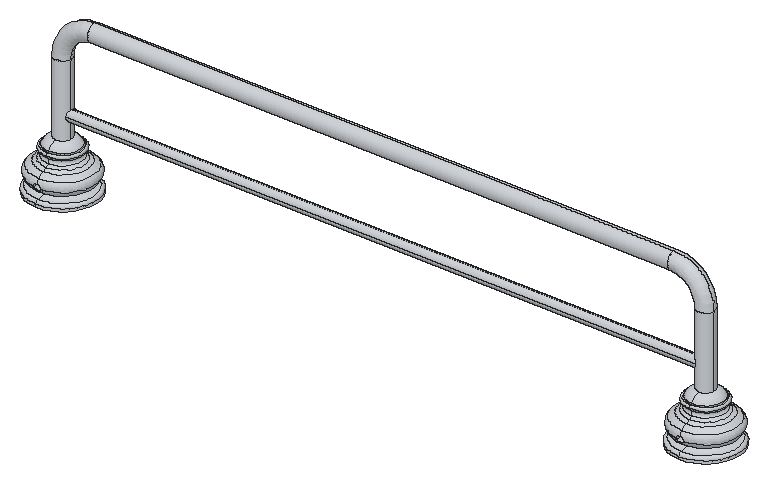
Revit family "Accessory-Towel_Bar-KOHLER-FAIRFAX-K-98256T", category Specialty Equipment, host Face, Revit 2017
Family settings
  Host = Face
  Round Connector Dimension = Use Diameter
  Part Type = Normal
  OmniClass Number = 23.31.25.21
  OmniClass Title = Toilet Paper Dispensers
  Cut with Voids When Loaded = No
  Shared = No
  Room Calculation Point = No
Parameters (values of type "CP-Polished Chrome")
  Width = 24 1/64"  # constant formula
  WaterSense Certified = 1 = 0  # no
  URL = "https://www.kohler.com.cn/"
  Type = 1
  Product Page URL = "https://www.kohler.com.cn/product/K-98256T-CP/K-98256T-CP/"
  Product Name = "FAIRFAX"  # constant formula
  Product Documentation Link = "https://files.kohler.com.cn/pdfs/k_98256t.pdf"
  Model = if(Type = 1, "K-98256T-CP", if(Type = 2, "K-98256T-BN", if(Type = 3, "K-98256T-BV", "NA")))  # "K-98256T-CP"
  Material = "Premium Metal Construction"  # constant formula
  Master Format 2014 Name = "Toilet, Bath, and Laundry Accessories"  # constant formula
  Master Format 2014 = "10 28 00"  # constant formula
  Manufacturer Address = "Kohler Beijing Office (100016) 36-2-03-B, No. 88, Liuxiang Road, Beijing"  # constant formula
  Manufacturer = "KOHLER Co."  # constant formula
  Length = 5.70866"  # constant formula
  Height = 2 123/256"  # constant formula
  Finish = Kohler-Metal-CP-Polished_Chrome
  Environmental Product Declaration = ""
  Description = "24INCH DOUBLE TOWEL BAR"  # constant formula
  Default Elevation = 42"
  Declare Label = ""
  Date Modified = "10/29/2020"  # constant formula
  Date Created = "10/29/2020"  # constant formula
  Copyright = "Copyright KOHLER Co."  # constant formula
  Contact Us = "https://www.kohler.com.cn/contact/contact-us/"
  Assembly Code = "C1030200"
  ADA Compliant = 1 = 0  # no
Types (4): name | Type | Product Page URL | Model | Finish
  (no name) | 1 | "https://www.kohler.com.cn/product/K-98256T-CP/K-98256T-CP/" | "K-98256T-CP" | Kohler-Metal-CP-Polished_Chrome
  CP-Polished Chrome | 1 | "https://www.kohler.com.cn/product/K-98256T-CP/K-98256T-CP/" | "K-98256T-CP" | Kohler-Metal-CP-Polished_Chrome
  BN-Roman Silver | 2 | "https://www.kohler.com.cn/product/K-98256T-CP/K-98256T-BN/" | "K-98256T-BN" | Kohler-Metal-BN-Roman_Silver
  BV-Roman Copper | 3 | "https://www.kohler.com.cn/product/K-98256T-CP/K-98256T-BV/" | "K-98256T-BV" | Kohler-Metal-BV-Roman_Copper
Reference planes (in)
  plane 1 "Center (Front/Back)": y = 0
  plane 2: z = 0
  plane 3 "Center (Left/Right)": x = 0
  plane 4: z = 5.70866
  plane 5: x = 12.00787
  plane 6: x = 13.24803
  plane 7: x = 10.76772
  plane 8: x = -12.00775
  plane 9: x = -10.76772
  plane 10: x = -13.24803
  plane 11: z = 2.6378
  plane 12: z = 6.02344
  plane 13: z = 2.83465
  plane 14: z = 2.44094
  plane 15: x = -11.69291
  plane 16: x = -12.32283
  plane 17: x = 11.69291
  plane 18: x = 12.32283
  plane 19: y = -1.24016
  plane 20: y = 1.24031
Dimensions and locks (in)
  "Height": plane 20 to plane 19
  "Width": plane 8 to plane 5
  "Length": plane 4 to plane 2
  aligned and locked: plane 2 to host face
  aligned and locked: level to host face
Automatic sketch dimensions
  host sketch curve to host sketch curve = 96"  (x2)
Nested families (in)
  nested 1: "K-98256T" at (0, 0, 0), type "K-98256T"
Definition of nested family "K-98256T"
  Parameters (values of type "K-98256T")
    Material = none
  Reference planes (in)
    plane 1 "Center (Front/Back)": y = 0
    plane 2: z = 0
    plane 3 "Center (Left/Right)": x = 0
    plane 4: x = -12.00787
    plane 5: z = 2.6378
    plane 6: z = 5.70866
    plane 7: x = 12.00787
    plane 8: y = 1.24016
    plane 9: y = -1.24016
    plane 10: x = -13.24803
    plane 11: x = -10.76772
    plane 12: x = 10.76772
    plane 13: x = 13.24803
    plane 14: y = 0.31496
    plane 15: y = -0.31496
    plane 16: x = -12.32283
    plane 17: z = 6.02362
    plane 18: z = 2.83465
    plane 19: x = -11.69291
    plane 20: z = 2.44094
    plane 21: x = 11.69291
    plane 22: x = 12.32283
  Forms (in)
    Revolve 1, solid, material <- "Material", detail levels medium+fine
      sketch origin (12.00787, 0, 0) x (0, 1, 0) y (0, 0, 1)
        loop
          line (0, 0) -> (1.24016, 0) -> (1.24016, 0.1)
          arc (1.24016, 0.1) -> (1.20893, 0.1726) -> (1.13474, 0.19985) r 0.1
          arc (1.13474, 0.19985) -> (0.92222, 0.26175) -> (0.79502, 0.44291) r 0.33414
          line (0.79502, 0.44291) -> (1.08539, 0.44291)
          arc (1.08539, 0.44291) -> (1.13881, 0.51934) -> (1.17829, 0.60382) r 0.54039
          arc (1.17829, 0.60382) -> (1.18762, 0.75985) -> (1.10964, 0.89531) r 0.27234
          arc (1.10964, 0.89531) -> (1.01069, 0.97627) -> (0.9012, 1.04228) r 0.8935
          arc (0.9012, 1.04228) -> (0.83404, 1.0797) -> (0.76985, 1.12201) r 1.03112
          arc (0.76985, 1.12201) -> (0.71862, 1.16444) -> (0.67399, 1.21375) r 0.46447
          arc (0.67399, 1.21375) -> (0.64469, 1.31846) -> (0.69773, 1.41338) r 0.14258
          arc (0.69773, 1.41338) -> (0.7238, 1.4396) -> (0.743, 1.47121) r 0.1566
          arc (0.743, 1.47121) -> (0.73881, 1.52917) -> (0.6878, 1.55701) r 0.06065
          line (0.6878, 1.55701) -> (0.61535, 1.55701)
          arc (0.61535, 1.55701) -> (0.63214, 1.56575) -> (0.63461, 1.58451) r 0.02049
          arc (0.63461, 1.58451) -> (0.51072, 1.76158) -> (0.31496, 1.85312) r 0.41804
          line (0.31496, 1.85312) -> (0, 1.85312) -> (0, 0)
        axis (0, 0) -> (0, 1.85312)
      angle from 0 to 360
    Revolve 2, solid, material <- "Material", detail levels medium+fine
      sketch origin (-12.00787, 0, 0) x (0, 1, 0) y (0, 0, 1)
        loop
          line (0, 0) -> (1.24016, 0) -> (1.24016, 0.1)
          arc (1.24016, 0.1) -> (1.20893, 0.1726) -> (1.13474, 0.19985) r 0.1
          arc (1.13474, 0.19985) -> (0.92222, 0.26175) -> (0.79502, 0.44291) r 0.33414
          line (0.79502, 0.44291) -> (1.08539, 0.44291)
          arc (1.08539, 0.44291) -> (1.13881, 0.51934) -> (1.17829, 0.60382) r 0.54039
          arc (1.17829, 0.60382) -> (1.18762, 0.75985) -> (1.10964, 0.89531) r 0.27234
          arc (1.10964, 0.89531) -> (1.01069, 0.97627) -> (0.9012, 1.04228) r 0.8935
          arc (0.9012, 1.04228) -> (0.83404, 1.0797) -> (0.76985, 1.12201) r 1.03112
          arc (0.76985, 1.12201) -> (0.71862, 1.16444) -> (0.67399, 1.21375) r 0.46447
          arc (0.67399, 1.21375) -> (0.64469, 1.31846) -> (0.69773, 1.41338) r 0.14258
          arc (0.69773, 1.41338) -> (0.7238, 1.4396) -> (0.743, 1.47121) r 0.1566
          arc (0.743, 1.47121) -> (0.73881, 1.52917) -> (0.6878, 1.55701) r 0.06065
          line (0.6878, 1.55701) -> (0.61535, 1.55701)
          arc (0.61535, 1.55701) -> (0.63214, 1.56575) -> (0.63461, 1.58451) r 0.02049
          arc (0.63461, 1.58451) -> (0.51072, 1.76158) -> (0.31496, 1.85312) r 0.41804
          line (0.31496, 1.85312) -> (0, 1.85312) -> (0, 0)
        axis (0, 0) -> (0, 1.85312)
      angle from 0 to 360
    Sweep 3, solid, material <- "Material", detail levels medium+fine
      path origin (0, 0, 0) x (1, 0, 0) y (0, 0, 1)
        loop
          line (-12.00787, 1.65622) -> (-12.00787, 4.52756)
          arc (-12.00787, 4.52756) -> (-11.66194, 5.36272) -> (-10.82677, 5.70866) r 1.1811
          line (-10.82677, 5.70866) -> (10.82677, 5.70866)
          arc (10.82677, 5.70866) -> (11.66194, 5.36272) -> (12.00787, 4.52756) r 1.1811
          line (12.00787, 4.52756) -> (12.00787, 1.65622)
      profile origin (-12.00787, 0, 3.09189) x (-1, 0, 0) y (0, -1, 0)
        loop
          circle (0, 0) r 0.31496
    Extrusion 4, solid, material <- "Material", detail levels medium+fine
      sketch origin (0, 0, 0) x (0, 1, 0) y (0, 0, 1)
        loop
          circle (0, 2.6378) r 0.19685
        loop
          circle (0, 2.6378) r 0.16535
      from -11.81557 to 11.86868
    Extrusion 5, void
      sketch origin (0, 0, 0) x (1, 0, 0) y (0, 0, 1)
        loop
          circle (-12.00787, 0.62493) r 0.1378
        loop
          circle (12.00787, 0.62493) r 0.1378
      from 0.94686 to 1.88058
    Sweep 6, solid, material <- "Material", detail levels coarse
      path origin (0, 0, 0) x (1, 0, 0) y (0, 0, 1)
        loop
          line (-12.00787, 1.65622) -> (-12.00787, 4.52756)
          arc (-12.00787, 4.52756) -> (-11.66194, 5.36272) -> (-10.82677, 5.70866) r 1.1811
          line (-10.82677, 5.70866) -> (10.82677, 5.70866)
          arc (10.82677, 5.70866) -> (11.66194, 5.36272) -> (12.00787, 4.52756) r 1.1811
          line (12.00787, 4.52756) -> (12.00787, 1.65622)
      profile origin (-12.00787, 0, 3.09189) x (-1, 0, 0) y (0, -1, 0)
        loop
          circle (0, 0) r 0.31496
    Extrusion 7, solid, material <- "Material", detail levels coarse
      sketch origin (0, 0, 0) x (0, 1, 0) y (0, 0, 1)
        loop
          circle (0, 2.6378) r 0.19685
        loop
          circle (0, 2.6378) r 0.16535
      from -11.81557 to 11.86868
    Revolve 8, solid, material <- "Material", detail levels coarse
      sketch origin (0, 0, 0) x (1, 0, 0) y (0, 0, 1)
        loop
          line (-12.00787, 0) -> (-12.00787, 1.85426) -> (-12.75591, 1.85426) -> (-12.75591, 1.13189) -> (-13.24803, 1.13189) -> (-13.24803, 0) -> (-12.00787, 0)
        axis (-12.00787, 0) -> (-12.00787, 1.85426)
      angle from 0 to 360
    Revolve 9, solid, material <- "Material", detail levels coarse
      sketch origin (0, 0, 0) x (-1, 0, 0) y (0, 0, 1)
        loop
          line (-12.00787, 0) -> (-12.00787, 1.85426) -> (-12.75591, 1.85426) -> (-12.75591, 1.13189) -> (-13.24803, 1.13189) -> (-13.24803, 0) -> (-12.00787, 0)
        axis (-12.00787, 0) -> (-12.00787, 1.85426)
      angle from 0 to 360
  Cuts and joins
    Extrusion 5 cuts Revolve 1
    Extrusion 5 cuts Revolve 2
    joined: Revolve 1, Revolve 2, Sweep 3, Extrusion 4
  Lines and regions (in)
    Masking region 1
      outline origin (0, 0, 0) x (1, 0, 0) y (0, 0, 1)
        loop
          line (12.00787, 0) -> (13.24803, 0) -> (13.24803, 0.1)
          arc (13.24803, 0.1) -> (13.2168, 0.1726) -> (13.14262, 0.19985) r 0.1
          arc (13.14262, 0.19985) -> (12.93009, 0.26175) -> (12.80289, 0.44291) r 0.33414
          line (12.80289, 0.44291) -> (13.09326, 0.44291)
          arc (13.09326, 0.44291) -> (13.14668, 0.51934) -> (13.18616, 0.60382) r 0.54039
          arc (13.18616, 0.60382) -> (13.1955, 0.75985) -> (13.11751, 0.89531) r 0.27234
          arc (13.11751, 0.89531) -> (13.01856, 0.97627) -> (12.90908, 1.04228) r 0.8935
          arc (12.90908, 1.04228) -> (12.84191, 1.0797) -> (12.77772, 1.12201) r 1.03112
          arc (12.77772, 1.12201) -> (12.7265, 1.16444) -> (12.68186, 1.21375) r 0.46447
          arc (12.68186, 1.21375) -> (12.65256, 1.31846) -> (12.70561, 1.41338) r 0.14258
          arc (12.70561, 1.41338) -> (12.73168, 1.4396) -> (12.75087, 1.47121) r 0.1566
          arc (12.75087, 1.47121) -> (12.74669, 1.52917) -> (12.69568, 1.55701) r 0.06065
          line (12.69568, 1.55701) -> (12.62323, 1.55701)
          arc (12.62323, 1.55701) -> (12.64002, 1.56575) -> (12.64249, 1.58451) r 0.02049
          arc (12.64249, 1.58451) -> (12.5186, 1.76158) -> (12.32283, 1.85312) r 0.41804
          line (12.32283, 1.85312) -> (12.32283, 4.52756)
          arc (12.32283, 4.52756) -> (11.88465, 5.58544) -> (10.82677, 6.02362) r 1.49606
          line (10.82677, 6.02362) -> (0, 6.02362) -> (-10.82677, 6.02362)
          arc (-10.82677, 6.02362) -> (-11.88465, 5.58544) -> (-12.32283, 4.52756) r 1.49606
          line (-12.32283, 4.52756) -> (-12.32283, 1.85312)
          arc (-12.32283, 1.85312) -> (-12.5186, 1.76158) -> (-12.64249, 1.58451) r 0.41804
          arc (-12.64249, 1.58451) -> (-12.64002, 1.56575) -> (-12.62323, 1.55701) r 0.02049
          line (-12.62323, 1.55701) -> (-12.69568, 1.55701)
          arc (-12.69568, 1.55701) -> (-12.74669, 1.52917) -> (-12.75087, 1.47121) r 0.06065
          arc (-12.75087, 1.47121) -> (-12.73168, 1.4396) -> (-12.70561, 1.41338) r 0.1566
          arc (-12.70561, 1.41338) -> (-12.65256, 1.31846) -> (-12.68186, 1.21375) r 0.14258
          arc (-12.68186, 1.21375) -> (-12.7265, 1.16444) -> (-12.77772, 1.12201) r 0.46447
          arc (-12.77772, 1.12201) -> (-12.84191, 1.0797) -> (-12.90908, 1.04228) r 1.03112
          arc (-12.90908, 1.04228) -> (-13.01856, 0.97627) -> (-13.11751, 0.89531) r 0.8935
          arc (-13.11751, 0.89531) -> (-13.1955, 0.75985) -> (-13.18616, 0.60382) r 0.27234
          arc (-13.18616, 0.60382) -> (-13.14668, 0.51934) -> (-13.09326, 0.44291) r 0.54039
          line (-13.09326, 0.44291) -> (-12.80289, 0.44291)
          arc (-12.80289, 0.44291) -> (-12.93009, 0.26175) -> (-13.14262, 0.19985) r 0.33414
          arc (-13.14262, 0.19985) -> (-13.2168, 0.1726) -> (-13.24803, 0.1) r 0.1
          line (-13.24803, 0.1) -> (-13.24803, 0) -> (-12.00787, 0) -> (-10.76772, 0) -> (-10.76772, 0.1)
          arc (-10.76772, 0.1) -> (-10.79895, 0.1726) -> (-10.87313, 0.19985) r 0.1
          arc (-10.87313, 0.19985) -> (-11.08566, 0.26175) -> (-11.21286, 0.44291) r 0.33414
          line (-11.21286, 0.44291) -> (-10.92248, 0.44291)
          arc (-10.92248, 0.44291) -> (-10.86907, 0.51934) -> (-10.82959, 0.60382) r 0.54039
          arc (-10.82959, 0.60382) -> (-10.82025, 0.75985) -> (-10.89824, 0.89531) r 0.27234
          arc (-10.89824, 0.89531) -> (-10.99718, 0.97627) -> (-11.10667, 1.04228) r 0.8935
          arc (-11.10667, 1.04228) -> (-11.17384, 1.0797) -> (-11.23803, 1.12201) r 1.03112
          arc (-11.23803, 1.12201) -> (-11.28925, 1.16444) -> (-11.33389, 1.21375) r 0.46447
          arc (-11.33389, 1.21375) -> (-11.36319, 1.31846) -> (-11.31014, 1.41338) r 0.14258
          arc (-11.31014, 1.41338) -> (-11.28407, 1.4396) -> (-11.26488, 1.47121) r 0.1566
          arc (-11.26488, 1.47121) -> (-11.26906, 1.52917) -> (-11.32007, 1.55701) r 0.06065
          line (-11.32007, 1.55701) -> (-11.39252, 1.55701)
          arc (-11.39252, 1.55701) -> (-11.37573, 1.56575) -> (-11.37326, 1.58451) r 0.02049
          arc (-11.37326, 1.58451) -> (-11.49715, 1.76158) -> (-11.69291, 1.85312) r 0.41804
          line (-11.69291, 1.85312) -> (-11.69291, 2.44094) -> (0, 2.44094) -> (11.69291, 2.44094) -> (11.69291, 1.85312)
          arc (11.69291, 1.85312) -> (11.49715, 1.76158) -> (11.37326, 1.58451) r 0.41804
          arc (11.37326, 1.58451) -> (11.37573, 1.56575) -> (11.39252, 1.55701) r 0.02049
          line (11.39252, 1.55701) -> (11.32007, 1.55701)
          arc (11.32007, 1.55701) -> (11.26906, 1.52917) -> (11.26488, 1.47121) r 0.06065
          arc (11.26488, 1.47121) -> (11.28407, 1.4396) -> (11.31014, 1.41338) r 0.1566
          arc (11.31014, 1.41338) -> (11.36319, 1.31846) -> (11.33389, 1.21375) r 0.14258
          arc (11.33389, 1.21375) -> (11.28925, 1.16444) -> (11.23803, 1.12201) r 0.46447
          arc (11.23803, 1.12201) -> (11.17384, 1.0797) -> (11.10667, 1.04228) r 1.03112
          arc (11.10667, 1.04228) -> (10.99718, 0.97627) -> (10.89824, 0.89531) r 0.8935
          arc (10.89824, 0.89531) -> (10.82025, 0.75985) -> (10.82959, 0.60382) r 0.27234
          arc (10.82959, 0.60382) -> (10.86907, 0.51934) -> (10.92248, 0.44291) r 0.54039
          line (10.92248, 0.44291) -> (11.21286, 0.44291)
          arc (11.21286, 0.44291) -> (11.08566, 0.26175) -> (10.87313, 0.19985) r 0.33414
          arc (10.87313, 0.19985) -> (10.79895, 0.1726) -> (10.76772, 0.1) r 0.1
          line (10.76772, 0.1) -> (10.76772, 0) -> (12.00787, 0)
        loop
          arc (11.69291, 4.52756) -> (11.43923, 5.14001) -> (10.82677, 5.3937) r 0.86614
          line (10.82677, 5.3937) -> (0, 5.3937) -> (-10.82677, 5.3937)
          arc (-10.82677, 5.3937) -> (-11.43923, 5.14001) -> (-11.69291, 4.52756) r 0.86614
          line (-11.69291, 4.52756) -> (-11.69291, 2.83465) -> (0, 2.83465) -> (11.69291, 2.83465) -> (11.69291, 4.52756)
    Masking region 2
      outline origin (0, 0, 0) x (0, 1, 0) y (0, 0, 1)
        loop
          line (0, 0) -> (1.24016, 0) -> (1.24016, 0.1)
          arc (1.24016, 0.1) -> (1.20893, 0.1726) -> (1.13474, 0.19985) r 0.1
          arc (1.13474, 0.19985) -> (0.92222, 0.26175) -> (0.79502, 0.44291) r 0.33414
          line (0.79502, 0.44291) -> (1.08539, 0.44291)
          arc (1.08539, 0.44291) -> (1.13881, 0.51934) -> (1.17829, 0.60382) r 0.54039
          arc (1.17829, 0.60382) -> (1.18762, 0.75985) -> (1.10964, 0.89531) r 0.27234
          arc (1.10964, 0.89531) -> (1.01069, 0.97627) -> (0.9012, 1.04228) r 0.8935
          arc (0.9012, 1.04228) -> (0.83404, 1.0797) -> (0.76985, 1.12201) r 1.03112
          arc (0.76985, 1.12201) -> (0.71862, 1.16444) -> (0.67399, 1.21375) r 0.46447
          arc (0.67399, 1.21375) -> (0.64469, 1.31846) -> (0.69773, 1.41338) r 0.14258
          arc (0.69773, 1.41338) -> (0.7238, 1.4396) -> (0.743, 1.47121) r 0.1566
          arc (0.743, 1.47121) -> (0.73881, 1.52917) -> (0.6878, 1.55701) r 0.06065
          line (0.6878, 1.55701) -> (0.61535, 1.55701)
          arc (0.61535, 1.55701) -> (0.63214, 1.56575) -> (0.63461, 1.58451) r 0.02049
          arc (0.63461, 1.58451) -> (0.51072, 1.76158) -> (0.31496, 1.85312) r 0.41804
          line (0.31496, 1.85312) -> (0.31496, 5.70866)
          arc (0.31496, 5.70866) -> (0, 6.02362) -> (-0.31496, 5.70866) r 0.31496
          line (-0.31496, 5.70866) -> (-0.31496, 1.85312)
          arc (-0.31496, 1.85312) -> (-0.51072, 1.76158) -> (-0.63461, 1.58451) r 0.41804
          arc (-0.63461, 1.58451) -> (-0.63214, 1.56575) -> (-0.61535, 1.55701) r 0.02049
          line (-0.61535, 1.55701) -> (-0.6878, 1.55701)
          arc (-0.6878, 1.55701) -> (-0.73881, 1.52917) -> (-0.743, 1.47121) r 0.06065
          arc (-0.743, 1.47121) -> (-0.7238, 1.4396) -> (-0.69773, 1.41338) r 0.1566
          arc (-0.69773, 1.41338) -> (-0.64469, 1.31846) -> (-0.67399, 1.21375) r 0.14258
          arc (-0.67399, 1.21375) -> (-0.71862, 1.16444) -> (-0.76985, 1.12201) r 0.46447
          arc (-0.76985, 1.12201) -> (-0.83404, 1.0797) -> (-0.9012, 1.04228) r 1.03112
          arc (-0.9012, 1.04228) -> (-1.01069, 0.97627) -> (-1.10964, 0.89531) r 0.8935
          arc (-1.10964, 0.89531) -> (-1.18762, 0.75985) -> (-1.17829, 0.60382) r 0.27234
          arc (-1.17829, 0.60382) -> (-1.13881, 0.51934) -> (-1.08539, 0.44291) r 0.54039
          line (-1.08539, 0.44291) -> (-0.79502, 0.44291)
          arc (-0.79502, 0.44291) -> (-0.92222, 0.26175) -> (-1.13474, 0.19985) r 0.33414
          arc (-1.13474, 0.19985) -> (-1.20893, 0.1726) -> (-1.24016, 0.1) r 0.1
          line (-1.24016, 0.1) -> (-1.24016, 0) -> (0, 0)
    Masking region 3
      outline origin (0, 0, 0) x (1, 0, 0) y (0, 1, 0)
        loop
          arc (-10.80838, 0.31496) -> (-13.24803, 0) -> (-10.80838, -0.31496) r 1.24016
          line (-10.80838, -0.31496) -> (0, -0.31496) -> (10.80838, -0.31496)
          arc (10.80838, -0.31496) -> (13.24803, 0) -> (10.80838, 0.31496) r 1.24016
          line (10.80838, 0.31496) -> (0, 0.31496) -> (-10.80838, 0.31496)
    symbolic lines, detail levels medium+fine
      curve 1: line (13.14262, 0, 0.19985) -> (10.87313, 0, 0.19985)
      curve 2: line (12.80289, 0, 0.44291) -> (11.21286, 0, 0.44291)
      curve 3: line (13.18616, 0, 0.60382) -> (10.82959, 0, 0.60382)
      curve 4: line (13.11751, 0, 0.89531) -> (10.89824, 0, 0.89531)
      curve 5: line (12.77772, 0, 1.12201) -> (11.23803, 0, 1.12201)
      curve 6: line (12.68186, 0, 1.21375) -> (11.33389, 0, 1.21375)
      curve 7: line (12.70561, 0, 1.41338) -> (11.31014, 0, 1.41338)
      curve 8: line (12.62323, 0, 1.55701) -> (11.39252, 0, 1.55701)
      curve 9: line (12.64249, 0, 1.58451) -> (11.37326, 0, 1.58451)
      curve 10: line (12.32283, 0, 1.85312) -> (11.69291, 0, 1.85312)
      curve 11: arc (11.69291, 0, 2.83465) -> (11.73981, 0, 2.6378) -> (11.69291, 0, 2.44094) r 0.43659
      curve 12: line (-13.14262, 0, 0.19985) -> (-10.87313, 0, 0.19985)
      curve 13: line (-12.80289, 0, 0.44291) -> (-11.21286, 0, 0.44291)
      curve 14: line (-13.18616, 0, 0.60382) -> (-10.82959, 0, 0.60382)
      curve 15: line (-13.11751, 0, 0.89531) -> (-10.89824, 0, 0.89531)
      curve 16: line (-12.77772, 0, 1.12201) -> (-11.23803, 0, 1.12201)
      curve 17: line (-12.68186, 0, 1.21375) -> (-11.33389, 0, 1.21375)
      curve 18: line (-12.70561, 0, 1.41338) -> (-11.31014, 0, 1.41338)
      curve 19: line (-12.62323, 0, 1.55701) -> (-11.39252, 0, 1.55701)
      curve 20: line (-12.64249, 0, 1.58451) -> (-11.37326, 0, 1.58451)
      curve 21: line (-12.32283, 0, 1.85312) -> (-11.69291, 0, 1.85312)
      curve 22: arc (-11.69291, 0, 2.83465) -> (-11.73981, 0, 2.6378) -> (-11.69291, 0, 2.44094) r 0.43659
      curve 23: line (0, 1.13474, 0.19985) -> (0, -1.13474, 0.19985)
      curve 24: line (0, 0.79502, 0.44291) -> (0, -0.79502, 0.44291)
      curve 25: line (0, 1.17829, 0.60382) -> (0, -1.17829, 0.60382)
      curve 26: line (0, 1.10964, 0.89531) -> (0, -1.10964, 0.89531)
      curve 27: line (0, 0.76985, 1.12201) -> (0, -0.76985, 1.12201)
      curve 28: line (0, 0.67399, 1.21375) -> (0, -0.67399, 1.21375)
      curve 29: line (0, 0.69773, 1.41338) -> (0, -0.69773, 1.41338)
      curve 30: line (0, 0.61535, 1.55701) -> (0, -0.61535, 1.55701)
      curve 31: line (0, 0.63461, 1.58451) -> (0, -0.63461, 1.58451)
      curve 32: line (0, 0.31496, 1.85312) -> (0, -0.31496, 1.85312)
      curve 33: line (0, 0.9012, 1.04228) -> (0, -0.9012, 1.04228)
      curve 34: line (-12.90908, 0, 1.04228) -> (-11.10667, 0, 1.04228)
      curve 35: line (11.10667, 0, 1.04228) -> (12.90908, 0, 1.04228)
      curve 36: arc (-12.00787, -0.31496, 0) -> (-12.32283, 0, 0) -> (-12.00787, 0.31496, 0) r 0.31496
      curve 37: line (-12.00787, 0.31496, 0) -> (-10.85613, 0.31496, 0)
      curve 38: line (-12.00787, -0.31496, 0) -> (-10.85613, -0.31496, 0)
      curve 39: arc (-10.85613, 0.31496, 0) -> (-13.20191, 0, 0) -> (-10.85613, -0.31496, 0) r 1.19403
      curve 40: arc (-10.96919, 0.31496, 0) -> (-13.09326, 0, 0) -> (-10.96919, -0.31496, 0) r 1.08539
      curve 41: arc (-11.27791, 0.31496, 0) -> (-12.80289, 0, 0) -> (-11.27791, -0.31496, 0) r 0.79502
      curve 42: arc (-11.32273, 0.31496, 0) -> (-12.76194, 0, 0) -> (-11.32273, -0.31496, 0) r 0.75407
      curve 43: arc (-11.44853, 0.31496, 0) -> (-12.6498, 0, 0) -> (-11.44853, -0.31496, 0) r 0.64192
      curve 44: arc (-11.47923, 0.31496, 0) -> (-12.62323, 0, 0) -> (-11.47923, -0.31496, 0) r 0.61535
      curve 45: line (-10.85613, 0.31496, 0) -> (-10.80838, 0.31496, 0)
      curve 46: line (-10.85613, -0.31496, 0) -> (-10.80838, -0.31496, 0)
      curve 47: arc (12.00787, -0.31496, 0) -> (12.32283, 0, 0) -> (12.00787, 0.31496, 0) r 0.31496
      curve 48: line (12.00787, 0.31496, 0) -> (10.85613, 0.31496, 0)
      curve 49: line (12.00787, -0.31496, 0) -> (10.85613, -0.31496, 0)
      curve 50: arc (10.85613, 0.31496, 0) -> (13.20191, 0, 0) -> (10.85613, -0.31496, 0) r 1.19403
      curve 51: arc (10.96919, 0.31496, 0) -> (13.09326, 0, 0) -> (10.96919, -0.31496, 0) r 1.08539
      curve 52: arc (11.27791, 0.31496, 0) -> (12.80289, 0, 0) -> (11.27791, -0.31496, 0) r 0.79502
      curve 53: arc (11.32273, 0.31496, 0) -> (12.76194, 0, 0) -> (11.32273, -0.31496, 0) r 0.75407
      curve 54: arc (11.44853, 0.31496, 0) -> (12.6498, 0, 0) -> (11.44853, -0.31496, 0) r 0.64192
      curve 55: arc (11.47923, 0.31496, 0) -> (12.62323, 0, 0) -> (11.47923, -0.31496, 0) r 0.61535
      curve 56: line (10.85613, 0.31496, 0) -> (10.80838, 0.31496, 0)
      curve 57: line (10.85613, -0.31496, 0) -> (10.80838, -0.31496, 0)
  Dimensions and locks (in)
    plane 7 to plane 4 = 24.01575"
    plane 5 to level = 2.6378"
    plane 6 to level = 5.70866"
    aligned and locked: plane 2 to level
